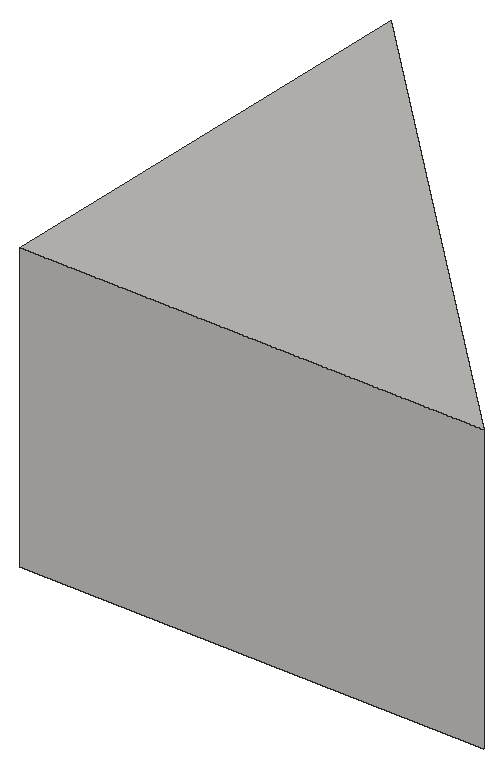
Revit family "Bench_Triangle_Noble", category Specialty Equipment, host Face, Revit 2014
Parameters (values of type "Large Triangular #402")
  Width = 32 1/2"
  URL = "www.noblecompany.com"
  Type Comments = ""
  Triangle = yes
  Tile [instance] = Stainless Steel - Brushed
  Product Properties = "http://www.noblecompany.com/Portals/0/PRODUCT%20INFO/Product%20Descriptions/FreeStyle%20Linear%20Drain%20Product%20Decription%200410.pdf"
  Product Data = "http://www.noblecompany.com/Products/ShowerProducts/tabid/59/Default.aspx"
  Model = ""
  Manufacturer Phone - Toll Free = "800-878-5788"
  Manufacturer Phone = "231-799-8000"
  Manufacturer Fax = "231-799-8850"
  Manufacturer Email = "mailto:sales@noblecompany.com"
  Manufacturer Address = "7300 Enterprise Drive, Spring Lake, MI  49456 USA"
  Manufacturer = "Noble Company"
  Length = 32 1/2"
  Installation-Fabrication = "http://www.noblecompany.com/Portals/0/PRODUCT%20INFO/Product%20Descriptions/FreeStyle%20Linear%20Drain%20Product%20Decription%200410.pdf"
  Height = 20"
  Description = "Freestyle 24 ABS - Wave Linear Drain"
  Building Codes = "http://www.noblecompany.com/Portals/0/TECHNICAL%20INFO/Listing_Testing_Certification_Reports/PMG-1065%20Noble%20Company%20Linear%20Drain%20final%202.pdf"
  Base = Polymer coated Expanded Polystyrene
  Assembly Code = "D2030300"
  Default Elevation = 0"
Types (2): name | Width | Length
  Large Triangular #402 | 32 1/2" | 32 1/2"
  Small Triangular #400 | 22" | 22"
Reference planes (in)
  plane 1 "Center (Front/Back)": y = 0
  plane 2: z = 0
  plane 3 "Center (Left/Right)": x = 0
  plane 4: x = 32.5
  plane 5: y = 32.5
  plane 6: z = 20
Forms (in)
  Extrusion 1, solid, material "Polymer coated Expanded Polystyrene" <- "Base"
    sketch origin (0, 0, 0) x (1, 0, 0) y (0, 1, 0)
      loop
        line (0, 0) -> (32.5, 0) -> (0, 32.5) -> (0, 0)
    from 0 to 20
Dimensions and locks (in)
  "Height": plane 6 to level
  "Length": plane 1 "Center (Front/Back)" to plane 5
  "Width": plane 3 "Center (Left/Right)" to plane 4
  aligned and locked: plane 2 to host face
  aligned and locked: level to host face
  aligned and locked: plane 1 "Center (Front/Back)" to Extrusion 1 sketch curve
  aligned and locked: plane 6 to Extrusion 1
Automatic sketch dimensions
  host sketch curve to host sketch curve = 56 1/2"
  host sketch curve to host sketch curve = 49.54642"
  Extrusion 1 sketch curve to plane 4 = 0"
  Extrusion 1 sketch curve to plane 5 = 0"
  Extrusion 1 sketch curve to plane 3 "Center (Left/Right)" = 0"
